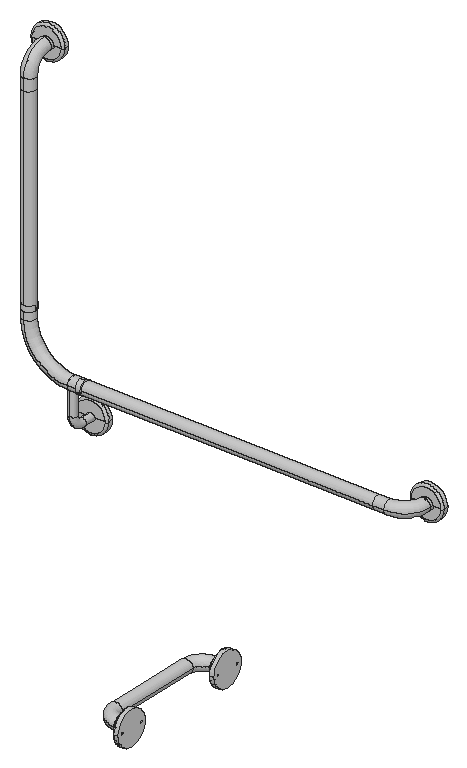
Revit family "RBA4901-301", category Plumbing Fixtures, Revit 2021
Family settings
  Round Connector Dimension = Use Diameter
  Part Type = Normal
  Work Plane-Based = No
  Always vertical = No
  Cut with Voids When Loaded = No
  Shared = No
  Room Calculation Point = No
Parameters
  Watermarked By = "www.rba.com.au"
  URL = "rba.com.au/product-category/accessible-disabled/grab-rails/"
  Phone Number = "1300 788 778"
  OFFSET = 800.00 mm
  Model = "RBA4901-301"
  Materials and Finishes = Stainless Steel Satin Finish
  Manufacturer Model = ""
  Manufacturer = "RBA Group"
  Distance Away from Wall [instance] = 100.00 mm
  Distance Away from Toilet [instance] = 1090.00 mm
  Description = "Steri+Shield™ RH Accessible Rail + 300mm Straight Kit | Satin Finish"
  Default Elevation = 0.00 mm
  Copyrighted by = "RBA Group"  # constant formula
  Assembly Code = ""
Reference planes
  plane 1 "Center (Front/Back)": y = 0
  plane 2: z = 0
  plane 3: x = 40.5
  plane 4: z = 800
  plane 5: x = 1090.5
  plane 6: x = 990.5
  plane 7: x = 140.5
  plane 8: z = 700
  plane 9: z = 1500
  plane 10: y = -86
  plane 11: y = -54
  plane 12: y = -1074
  plane 13: y = -1090
  plane 14: x = 1035.5
  plane 15: x = 1003.5
  plane 16: z = 816
  plane 17: x = 56.5
  plane 18: x = 46.5
Dimensions and locks
  "OFFSET": plane 4 to plane 2
  plane 11 to plane 1 "Center (Front/Back)" = 54.00 mm
  plane 10 to plane 1 "Center (Front/Back)" = 86.00 mm
  "Distance Away from Wall": plane 6 to plane 5
  locked: plane 12 to plane 13 at 16
  "Distance Away from Toilet": plane 13 to plane 1 "Center (Front/Back)"
Nested families
  nested 1: "RBA4901-911" at (-656, 0, 800), type "RBA4901-911"
  nested 2: "RBA4901-Straight-Series" at (1090.5, -1074, 800) x (0, 1, 0) z (0, 0, -1), type "RBA4901-030"
Definition of nested family "RBA4901-911"
  Parameters (values of type "RBA4901-911")
    Watermarked By = "www.rba.com.au"
    URL = "www.rba.com.au"
    R_Void [instance] = 15.00 mm
    R [instance] = 0.00 mm
    Phone Number = ""
    Modified Issue = ""
    Model = "RBA4901-911"
    Materials and Finishes = none
    Manufacturer Model = "B819436"
    Manufacturer = "RBA Group"
    Description = "Steri+Shield™ Accessible 90° Grab Rail, RH, Satin"
    Default Elevation = 0.00 mm
    Copyrighted by = "RBA Group"  # constant formula
    Assembly Code = ""
  Reference planes
    plane 1 "Center (Front/Back)": y = 0
    plane 2: z = 0
    plane 3: x = 40.5
    plane 4: x = 990.5
    plane 5: x = 515.5
    plane 6: z = 700
    plane 7: x = 835.5
    plane 8: z = -100
    plane 9: x = 974.5
    plane 10: z = 16
    plane 11: y = -70
    plane 12: y = -86
    plane 13: y = -54
    plane 14: y = -79.5
    plane 15: y = -60.5
    plane 16: z = -30
    plane 17: z = 30
    plane 18: x = 1606.5
    plane 19: x = 1666.5
    plane 20: z = 670
    plane 21: z = 730
    plane 22: x = 716.5
    plane 23: x = 656.5
    plane 24: z = -130
    plane 25: z = -70
    plane 26: x = 766.5
    plane 27: x = 826.5
  Forms (mm)
    Extrusion 1, solid
      sketch origin (1636.5, -2.628, 315.907) x (0, 0, -1) y (-1, 0, 0)
        loop
          circle (315.907, 0) r 40
      from -0.219 to 2.628
    Revolve 2, solid
      sketch origin (1636.5, 18.663, 0) x (0, -1, 0) y (1, 0, 0)
        loop
          line (18.663, 0) -> (33.701, 0) -> (32.842, 36.617)
          arc (32.842, 36.617) -> (31.337, 40.077) -> (27.844, 41.5) r 5
          line (27.844, 41.5) -> (18.663, 41.5) -> (18.663, 0)
        axis (18.663, 0) -> (33.701, 0)
      angle from 0 to 360
    Extrusion 3, void
      sketch origin (1636.5, 34.941, 315.907) x (0, 0, -1) y (-1, 0, 0)
        loop
          circle (315.907, 30) r 5
        loop
          circle (315.907, -30) r 5
      from -37.788 to -30
    Sweep 4, solid
      path origin (1636.5, 12.454, 0) x (0, -1, 0) y (-1, 0, 0)
        loop
          line (12.454, 0) -> (34.454, 0)
          arc (34.454, 0) -> (68.395, 14.059) -> (82.454, 48) r 48
          line (82.454, 48) -> (82.454, 76)
      profile origin (1636.5, -11, 0) x (1, 0, 0) y (0, 0, 1)
        loop
          circle (0, 0) r 16
    Extrusion 5, solid
      sketch origin (686.5, -2.628, 1015.907) x (0, 0, -1) y (-1, 0, 0)
        loop
          circle (315.907, 0) r 40
      from -0.219 to 2.628
    Extrusion 6, void
      sketch origin (686.5, 34.941, 1015.907) x (0, 0, -1) y (-1, 0, 0)
        loop
          circle (315.907, -30) r 5
        loop
          circle (315.907, 30) r 5
      from -37.788 to -30
    Sweep 7, solid
      path origin (-13.5, 12.454, 700) x (0, -1, 0) y (0, 0, -1)
        loop
          line (12.454, 0) -> (34.454, 0)
          arc (34.454, 0) -> (68.395, 14.059) -> (82.454, 48) r 48
          line (82.454, 48) -> (82.454, 76)
      profile origin (-13.5, -11, 700) x (0, 0, -1) y (1, 0, 0)
        loop
          circle (0, 700) r 16
    Revolve 8, solid
      sketch origin (686.5, 18.663, 700) x (0, -1, 0) y (1, 0, 0)
        loop
          line (18.663, 0) -> (18.663, -41.5) -> (27.844, -41.5)
          arc (27.844, -41.5) -> (31.337, -40.077) -> (32.842, -36.617) r 5
          line (32.842, -36.617) -> (33.701, 0) -> (18.663, 0)
        axis (18.663, 0) -> (33.701, 0)
      angle from 0 to 360
    Sweep 9, solid
      path origin (1677, 0, 0) x (-1, 0, 0) y (0, 0, -1)
        loop
          line (116.5, 0) -> (880.5, 0)
          arc (880.5, 0) -> (958.282, -32.218) -> (990.5, -110) r 110
          line (990.5, -110) -> (990.5, -624)
      profile origin (1178.5, 0, 0) x (0, 0, -1) y (0, -1, 0)
        loop
          circle (0, 70) r 16
    Extrusion 10, solid
      sketch origin (796.5, -2.628, 215.907) x (0, 0, -1) y (-1, 0, 0)
        loop
          circle (315.907, 0) r 40
      from -0.219 to 2.628
    Revolve 11, solid
      sketch origin (796.5, 18.663, -100) x (0, -1, 0) y (1, 0, 0)
        loop
          line (18.663, 0) -> (33.701, 0) -> (32.842, 36.617)
          arc (32.842, 36.617) -> (31.337, 40.077) -> (27.844, 41.5) r 5
          line (27.844, 41.5) -> (18.663, 41.5) -> (18.663, 0)
        axis (18.663, 0) -> (33.701, 0)
      angle from 0 to 360
    Sweep 12, solid
      path origin (796.5, 12.454, -100) x (0, -1, 0) y (0, 0, 1)
        loop
          line (12.454, 0) -> (54.454, 0)
          arc (54.454, 0) -> (74.253, 8.201) -> (82.454, 28) r 28
          line (82.454, 28) -> (82.454, 100)
      profile origin (796.5, -21, -100) x (0, 0, 1) y (-1, 0, 0)
        loop
          circle (0, 0) r 9.5
    Extrusion 13, void
      sketch origin (796.5, 34.941, 215.907) x (0, 0, -1) y (-1, 0, 0)
        loop
          circle (315.907, 30) r 5
        loop
          circle (315.907, -30) r 5
      from -37.788 to -30
    Extrusion 14, solid
      sketch origin (1677, 0, 0) x (-1, 0, 0) y (0, -1, 0)
        loop
          circle (990.5, 70) r 17
      from 142 to 130
    Extrusion 15, solid
      sketch origin (1026.5, 0, 990.5) x (0, 0, -1) y (0, -1, 0)
        loop
          circle (990.5, 70) r 17
      from 210 to 198
  Cuts and joins
    Extrusion 3 cuts Extrusion 1
    Extrusion 3 cuts Revolve 2
    Extrusion 6 cuts Extrusion 5
    Extrusion 6 cuts Revolve 8
    Extrusion 13 cuts Extrusion 10
    Extrusion 13 cuts Revolve 11
    joined: Sweep 4, Sweep 7, Sweep 9
  Dimensions and locks
    level to plane 8 = 100.00 mm
    plane 6 to level = 700.00 mm
    plane 4 to plane 7 = 155.00 mm
    plane 4 to plane 3 = 950.00 mm
    Revolve 2 sketch curve to Revolve 2 sketch curve = 41.50 mm
    plane 17 to plane 16 = 60.00 mm
    plane 18 to plane 19 = 60.00 mm
    plane 21 to plane 20 = 60.00 mm
    plane 23 to plane 22 = 60.00 mm
    Revolve 8 sketch curve to Revolve 8 sketch curve = 41.50 mm
    Revolve 11 sketch curve to Revolve 11 sketch curve = 41.50 mm
    plane 25 to plane 24 = 60.00 mm
    plane 26 to plane 27 = 60.00 mm
    radius of Extrusion 1 sketch curve = 40.00 mm
    radius of Sweep 4 sketch curve = 16.00 mm
    radius of Extrusion 5 sketch curve = 40.00 mm
    radius of Sweep 7 sketch curve = 16.00 mm
    radius of Extrusion 10 sketch curve = 40.00 mm
    radius of Sweep 12 sketch curve = 9.50 mm
    aligned and locked: Revolve 2 to Extrusion 1
    aligned and locked: Revolve 11 to Extrusion 10
Definition of nested family "RBA4901-Straight-Series"
  Parameters (values of type "RBA4901-060")
    Watermarked By = "www.rba.com.au"
    URL = "www.rba.com.au"
    Phone Number = ""
    OFFSET [instance] = 800.00 mm
    Modified Issue = ""
    Model = "RBA4901-Straight-Series"
    Materials & Finishes = none
    Manufacturer = "RBA Group"  # constant formula
    Lgth = 600.00 mm
    Diameter = 32.00 mm
    Description = "Steri+ShieldTM Straight Grab Rail, Satin"
    Default Elevation = 0.00 mm
    Copyright by = "RBA Group"  # constant formula
  Types (9, lengths in mm): name | URL | Phone Number | Modified Issue | Model | Lgth | Description
    RBA4901-040 | "www.rba.com.au" | "" | "20191108.1" | "RBA4000-040" | 400.00 | "Straight Grab Rail 400mm"
    RBA4901-120 | "http://www.rba.com.au/accessible-disabled/grab-rails" | "1300 788 778" | "20191004.01" | "RBA4000-120" | 1200.00 | "Straight Grab Rail 1200mm"
    RBA4901-100 | "http://www.rba.com.au/accessible-disabled/grab-rails" | "1300 788 778" | "20191004.01" | "RBA4000-100" | 1000.00 | "Straight Grab Rail 1000mm"
    RBA4901-080 | "http://www.rba.com.au/accessible-disabled/grab-rails" | "1300 788 778" | "20191004.01" | "RBA4000-080" | 800.00 | "Straight Grab Rail 800mm"
    RBA4901-090 | "www.rba.com.au" | "" | "20191004.01" | "RBA4000-090" | 900.00 | "Straight Grab Rail 900mm"
    RBA4901-070 | "www.rba.com.au" | "" | "20191004.01" | "RBA4000-075" | 700.00 | "Straight Grab Rail 750mm"
    RBA4901-060 | "www.rba.com.au" | "" | "" | "RBA4901-Straight-Series" | 600.00 | "Steri+ShieldTM Straight Grab Rail, Satin"
    RBA4901-045 | "www.rba.com.au" | "" | "20191004.01" | "RBA4000-045" | 200.00 | "Straight Grab Rail 450mm"
    RBA4901-030 | "www.rba.com.au" | "" | "20190510.1" | "RBA4000-030" | 300.00 | "Straight Grab Rail 300mm"
  Reference planes
    plane 1 "Center (Front/Back)": y = 0
    plane 2: z = 0
    plane 3 "Center (Left/Right)": x = 0
    plane 4: x = 0
    plane 5: x = 0
    plane 6: y = -57
    plane 7: y = -89
    plane 8: x = 600
    plane 9: z = 16
    plane 10: z = -16
  Forms (mm)
    Sweep 1, solid, material <- "Materials & Finishes"
      path origin (-273.954, -750, 0) x (0, -1, 0) y (1, 0, 0)
        loop
          line (-740, 873.954) -> (-719, 873.954)
          arc (-719, 873.954) -> (-690.716, 862.239) -> (-679, 833.954) r 40
          line (-679, 833.954) -> (-679, 313.954)
          arc (-679, 313.954) -> (-690.716, 285.67) -> (-719, 273.954) r 40
          line (-719, 273.954) -> (-740, 273.954)
      profile origin (300, -71, 0) x (0, -1, 0) y (0, 0, 1)
        loop
          circle (0, 0) r 16
    Extrusion 2, solid, material <- "Materials & Finishes"
      sketch origin (62.5, -2.628, -315.907) x (0, 0, 1) y (1, 0, 0)
        loop
          circle (315.907, -62.5) r 40
      from -0.206 to 2.628
    Revolve 3, solid, material <- "Materials & Finishes"
      sketch origin (62.5, 18.663, 0) x (-1, 0, 0) y (0, -1, 0)
        loop
          line (62.5, 18.663) -> (104, 18.663) -> (104, 28.968)
          arc (104, 28.968) -> (103.207, 31.014) -> (101.243, 31.992) r 3.037
          arc (101.243, 31.992) -> (81.892, 33.334) -> (62.5, 33.781) r 420.249
          line (62.5, 33.781) -> (62.5, 18.663)
        axis (62.5, 18.663) -> (62.5, 33.781)
      angle from 0 to 360
    Extrusion 4, void
      sketch origin (62.704, 34.941, -270.785) x (-0.515038, 0, 0.857167) y (0.857167, 0, 0.515038)
        loop
          circle (248.952, 111.432) r 4.75
        loop
          circle (279.854, 60.002) r 4.75
      from -37.775 to -34.941
    Extrusion 5, solid, material <- "Materials & Finishes"
      sketch origin (237.5, -2.628, -315.907) x (0, 0, 1) y (1, 0, 0)
        loop
          circle (315.907, 362.5) r 40
      from -0.206 to 2.628
    Revolve 6, solid, material <- "Materials & Finishes"
      sketch origin (237.5, 18.663, 0) x (-1, 0, 0) y (0, -1, 0)
        loop
          line (-362.5, 18.663) -> (-362.5, 33.781)
          arc (-362.5, 33.781) -> (-381.892, 33.334) -> (-401.243, 31.992) r 420.249
          arc (-401.243, 31.992) -> (-403.207, 31.014) -> (-404, 28.968) r 3.037
          line (-404, 28.968) -> (-404, 18.663) -> (-362.5, 18.663)
        axis (-362.5, 18.663) -> (-362.5, 33.781)
      angle from 0 to 360
    Extrusion 7, void
      sketch origin (362.704, 34.941, -270.785) x (-0.515038, 0, 0.857167) y (0.857167, 0, 0.515038)
        loop
          circle (125.343, 317.152) r 4.75
        loop
          circle (94.441, 368.582) r 4.75
      from -37.775 to -34.941
  Cuts and joins
    Extrusion 7 cuts Sweep 1
    Extrusion 4, Extrusion 7 cuts Extrusion 2
    Extrusion 4, Extrusion 7 cuts Revolve 3
    Extrusion 7 cuts Extrusion 5
    Extrusion 7 cuts Revolve 6
    joined: Sweep 1, Extrusion 2, Revolve 3, Extrusion 5, Revolve 6
  Dimensions and locks
    "Lgth": plane 3 "Center (Left/Right)" to plane 8
    radius of Sweep 1 sketch curve = 16.00 mm
    aligned and locked: level to plane 2
    aligned and locked: Revolve 3 to Extrusion 2
    aligned and locked: Extrusion 2 to Extrusion 4
    aligned and locked: Revolve 6 to Extrusion 5
  Automatic sketch dimensions
    Sweep 1 sketch curve to plane 8 = 0.00 mm
    Sweep 1 sketch curve to plane 3 "Center (Left/Right)" = 0.00 mm
    plane 6 to Sweep 1 sketch curve = 26.00 mm  (x2)
    Sweep 1 sketch curve to plane 6 = 14.00 mm
    plane 1 "Center (Front/Back)" to Sweep 1 sketch curve = 10.00 mm  (x2)
    Sweep 1 sketch curve to profile plane = 0.00 mm  (x2)
    Extrusion 2 sketch curve to level = 0.00 mm
    Extrusion 2 sketch curve to plane 3 "Center (Left/Right)" = 0.00 mm
    plane 1 "Center (Front/Back)" to Revolve 3 sketch curve = 0.00 mm
    Revolve 3 sketch curve to plane 3 "Center (Left/Right)" = 0.00 mm  (x2)
    plane 1 "Center (Front/Back)" to Revolve 3 sketch curve = 10.305 mm
    Revolve 3 sketch curve to plane 3 "Center (Left/Right)" = 38.463 mm
    Revolve 3 sketch curve to Revolve 3 sketch curve = 3.037 mm
    Revolve 3 sketch curve to plane 1 "Center (Front/Back)" = 405.131 mm
    Revolve 3 sketch curve to Revolve 3 sketch curve = 15.118 mm
    Revolve 3 sketch curve to plane 1 "Center (Front/Back)" = 21.537 mm
    Revolve 3 sketch curve to Revolve 3 sketch curve = 0.00 mm
    plane 6 to Revolve 3 sketch curve = 13.537 mm
    Extrusion 5 sketch curve to level = 0.00 mm
    plane 8 to Extrusion 5 sketch curve = 0.00 mm
    plane 1 "Center (Front/Back)" to Revolve 6 sketch curve = 0.00 mm
    Revolve 6 sketch curve to plane 8 = 0.00 mm  (x2)
    plane 1 "Center (Front/Back)" to Revolve 6 sketch curve = 10.305 mm
    Revolve 6 sketch curve to plane 8 = 38.463 mm
    Revolve 6 sketch curve to Revolve 6 sketch curve = 3.037 mm
    Revolve 6 sketch curve to plane 1 "Center (Front/Back)" = 405.131 mm
    Revolve 6 sketch curve to Revolve 6 sketch curve = 15.118 mm
    Revolve 6 sketch curve to plane 1 "Center (Front/Back)" = 21.537 mm
    Revolve 6 sketch curve to Revolve 6 sketch curve = 0.00 mm
    plane 6 to Revolve 6 sketch curve = 13.537 mm
    Extrusion 7 sketch curve to level = 0.00 mm  (x2)
    Extrusion 7 sketch curve to plane 8 = 30.00 mm
    Extrusion 7 sketch curve to Extrusion 7 sketch curve = 30.902 mm
    Extrusion 4 sketch curve to level = 0.00 mm  (x2)
    plane 3 "Center (Left/Right)" to Extrusion 4 sketch curve = 30.00 mm
    Extrusion 4 sketch curve to Extrusion 4 sketch curve = 30.902 mm
    radius of Extrusion 2 sketch curve = 40.00 mm
    radius of Extrusion 5 sketch curve = 40.00 mm
    radius of Extrusion 7 sketch curve = 4.75 mm  (x2)
    radius of Extrusion 4 sketch curve = 4.75 mm  (x2)
